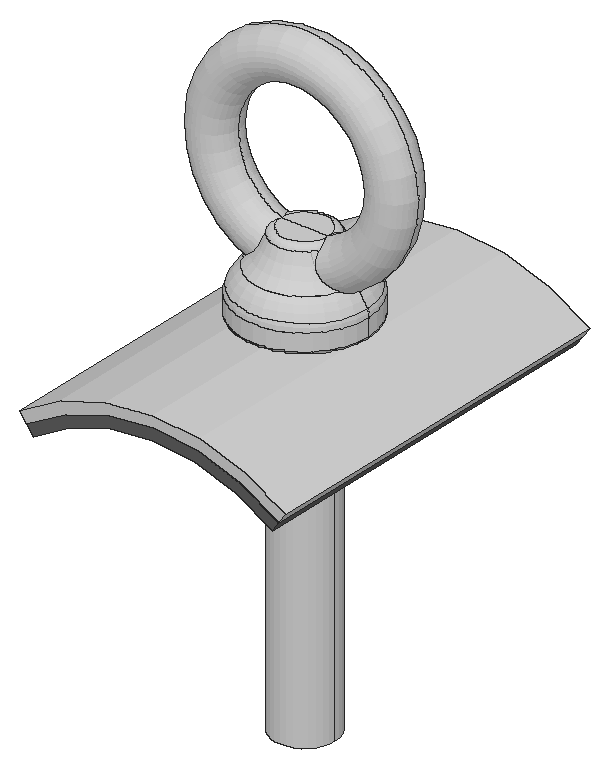
Revit family "AnchorPoint_Kattsafe_PurlinMount", category Specialty Equipment, host Face, Revit 2025
Family settings
  Host = Face
  Round Connector Dimension = Use Diameter
  Part Type = Normal
  OmniClass Number = 23.27.71.21
  Enable Cutting in Views = No
  Cut with Voids When Loaded = Yes
  Maintain Annotation Orientation = No
  Shared = No
  Room Calculation Point = No
Parameters (values of type "Corrugated (AP123C)")
  Uniclass2015Version = "Products v1.23"
  Uniclass2015Title = "Safety access anchor devices"
  Uniclass2015Code = "Pr_40_70_75_75"
  URL = "https://kattsafe.com.au/"
  Type IFC Predefined Type = "USERDEFINED"
  Type Comments = "Steel Purlin Mount Anchor - Corrugated flange - 15kN rated - 0.7kg"
  SquareCorrugatedWasher = no
  SafetyDisclaimer [instance] = "WARNING! The correct placement of access, fall protection and facade maintenance systems is critical to ensure it is fit-for-purpose and safe for the operator to use. Did you know Kattsafe® have a dedicated team of Height Safety System Design Specialists? Kattsafe® provide one-on-one consultation and system design assistance to ensure you are meeting the stringent requirements of height safety and to give you PEACE OF MIND with your project."  # constant formula
  ModifiedIssue = 20240430
  Model = "AP123C"
  Material = Steel_Stainless_Kattsafe_Satin
  ManufacturerURLProductSpecific = "https://kattsafe.com.au/products/anchor-points/metal-deck-mount/Purlin-mount-anchor-ap123"
  ManufacturerSpecCode = Model  # "AP123C"
  ManufacturerOverallWidth = 70 mm  # constant formula
  ManufacturerOverallHeight = 165 mm  # constant formula
  ManufacturerOverallDepth = 100 mm
  ManufacturerHeightFromFFL [instance] = 0 mm
  Manufacturer = "Kattsafe®"  # constant formula
  IfcExportType = "USERDEFINED"
  IfcExportAs = "IfcBuildingElementProxy"
  FlatWasher = no
  Export Type to IFC As = "IfcBuildingElementProxy"
  ElementType = "Fall Protection"
  Description = "Our Kattsafe anchor points are specifically designed, manufactured, and tested to comply with and often exceed Australian Standards, effectively handling excessive loads and saving lives when using a harness and lanyard system."  # constant formula
  Default Elevation = 0 mm  # constant formula
  CreatedBy = "IGS BIM Solutions"  # constant formula
  CreatedByURL = "https://igsgroup.com.au"
  CorrugatedWasher = yes
  Assembly Code = "E1090100"
Types (3, lengths in mm): name | Type Comments | SquareCorrugatedWasher | Model | ManufacturerSpecCode | ManufacturerOverallDepth | FlatWasher | CorrugatedWasher
  Flat (AP123F) | "Steel Purlin Mount Anchor - Flat flange - 15kN rated - 0.7kg" | no | "AP123F" | "AP123F" | 70 | yes | no
  Corrugated (AP123C) | "Steel Purlin Mount Anchor - Corrugated flange - 15kN rated - 0.7kg" | no | "AP123C" | "AP123C" | 100 | no | yes
  Square Corrugated (AP123S) | "Steel Purlin Mount Anchor - Square corrugated flange - 15kN rated - 0.7kg" | yes | "AP123S" | "AP123S" | 100 | no | no
Reference planes
  plane 1 "Center (Front/Back)": y = 0
  plane 2 "Ref. Level": z = 0
  plane 3 "Center (Left/Right)": x = 0
  plane 4 "Right": x = 35
  plane 5 "Left": x = -35
  plane 6 "Top": z = 75
  plane 7 "Extension Top": z = 15
  plane 8 "Bottom": z = -90
  plane 9 "Base": z = 0
  plane 10 "Front": y = -50
  plane 11 "Back": y = 50
Forms (mm)
  Revolve 1, solid, material "Steel_Stainless_Kattsafe_Satin" <- "Material"
    sketch origin (0, 0, -125) x (1, 0, 0) y (0, 0, 1)
      loop
        line (0, 125) -> (0, 35) -> (8, 35) -> (8, 112.91) -> (8.942, 112.91)
        arc (8.942, 112.91) -> (10.847, 117.422) -> (8.942, 121.933) r 6.293
        line (8.942, 121.933) -> (7.813, 121.933) -> (7.813, 125) -> (0, 125)
      axis (0, 35) -> (0, 125)
    angle from 0 to 360
  Revolve 2, void
    sketch origin (0, 0, -125) x (1, 0, 0) y (0, 0, 1)
      loop
        line (0, 125) -> (0, 35) -> (11.125, 35) -> (11.125, 125) -> (0, 125)
      axis (0, 35) -> (0, 125)
    angle from 0 to 360
  Revolve 3, solid, material "Steel_Stainless_Kattsafe_Satin" <- "Material"
    sketch origin (0, 0, 0) x (1, 0, 0) y (0, 0, 1)
      loop
        line (0, 28.586) -> (0, 6.036) -> (11.538, 6.036)
        arc (11.538, 6.036) -> (12.334, 7.036) -> (11.538, 8.036) r 1.026
        line (11.538, 8.036) -> (16.39, 8.036)
        arc (16.39, 8.036) -> (16.744, 8.182) -> (16.89, 8.536) r 0.5
        line (16.89, 8.536) -> (16.89, 13.047)
        arc (16.89, 13.047) -> (16.79, 14.04) -> (16.495, 14.994) r 5
        arc (16.495, 14.994) -> (15.132, 17.457) -> (13.284, 19.58) r 13.372
        arc (13.284, 19.58) -> (10.258, 23.137) -> (8.139, 27.299) r 20
        arc (8.139, 27.299) -> (7.418, 28.233) -> (6.292, 28.586) r 1.969
        line (6.292, 28.586) -> (0, 28.586)
      axis (0, 28.586) -> (0, 6.036)
    angle from 0 to 360
  Extrusion 4, solid, material "Steel_Stainless_Kattsafe_Satin" <- "Material", visible <- "FlatWasher"
    sketch origin (-1524, 277.61, 15) x (-1, 0, 0) y (0, 1, 0)
      loop
        circle (-1524, -277.61) r 35
    from 8.964 to 11.957
  Extrusion 5, solid, material "Rubber_Kattsafe_Black", visible <- "FlatWasher"
    sketch origin (-1524, 277.61, 0) x (-1, 0, 0) y (0, 1, 0)
      loop
        circle (-1524, -277.61) r 35
    from -3.043 to 0
  Sweep 6, solid, material "Steel_Stainless_Kattsafe_Satin" <- "Material", visible <- "CorrugatedWasher"
    path origin (0, 0, 0) x (0, 1, 0) y (0, 0, 1)
      loop
        line (50, 6.036) -> (-50, 6.036)
    profile origin (0, 0, 6.036) x (0, 0, -1) y (1, 0, 0)
      loop
        line (11.266, -35) -> (13.703, -33.25)
        arc (13.703, -33.25) -> (3, 0) -> (13.703, 33.25) r 57
        line (13.703, 33.25) -> (11.266, 35)
        arc (11.266, 35) -> (0, 0) -> (11.266, -35) r 60
  Sweep 7, solid, material "Rubber_Kattsafe_Black", visible <- "CorrugatedWasher"
    path origin (0, 0, 0) x (0, 1, 0) y (0, 0, 1)
      loop
        line (50, 3.043) -> (-50, 3.043)
    profile origin (0, 0, 3.043) x (0, 0, -1) y (1, 0, 0)
      loop
        arc (10.71, 33.25) -> (0.007, 0) -> (10.71, -33.25) r 57
        line (10.71, -33.25) -> (13.147, -31.5)
        arc (13.147, -31.5) -> (3.007, 0) -> (13.147, 31.5) r 54
        line (13.147, 31.5) -> (10.71, 33.25)
  Sweep 8, solid, material "Steel_Stainless_Kattsafe_Satin" <- "Material"
    path origin (0, 0, 0) x (1, 0, 0) y (0, 0, 1)
      loop
        arc (2.543, 27.686) -> (0.24, 62.498) -> (-3.016, 27.762) r 17.5
    profile origin (0.24, 0, 62.498) x (-0.013692, 0, -0.999906) y (0, -1, 0)
      loop
        circle (-6.247, 0) r 6.25
  Sweep 9, solid, material "Rubber_Kattsafe_Black", visible <- "SquareCorrugatedWasher"
    path origin (0, 0, 0) x (0, 1, 0) y (0, 0, 1)
      loop
        line (50, 3.043) -> (-50, 3.043)
    profile origin (0, 0, 3.043) x (0, 0, -1) y (1, 0, 0)
      loop
        line (12.121, -32.879) -> (14.243, -30.757) -> (4.67, -21.185)
        arc (4.67, -21.185) -> (3.439, -19.343) -> (3.007, -17.171) r 5.676
        line (3.007, -17.171) -> (3.007, 17.171)
        arc (3.007, 17.171) -> (3.439, 19.343) -> (4.67, 21.185) r 5.676
        line (4.67, 21.185) -> (14.243, 30.757) -> (12.121, 32.879) -> (2.549, 23.306)
        arc (2.549, 23.306) -> (0.668, 20.491) -> (0.007, 17.171) r 8.676
        line (0.007, 17.171) -> (0.007, -17.171)
        arc (0.007, -17.171) -> (0.668, -20.491) -> (2.549, -23.306) r 8.676
        line (2.549, -23.306) -> (12.121, -32.879)
  Sweep 10, solid, material "Steel_Stainless_Kattsafe_Satin" <- "Material", visible <- "SquareCorrugatedWasher"
    path origin (0, 0, 0) x (0, 1, 0) y (0, 0, 1)
      loop
        line (50, 6.036) -> (-50, 6.036)
    profile origin (0, 0, 6.036) x (0, 0, -1) y (1, 0, 0)
      loop
        arc (0, -17.171) -> (0.889, -21.639) -> (3.42, -25.427) r 11.676
        line (3.42, -25.427) -> (12.993, -35) -> (15.114, -32.879) -> (5.541, -23.306)
        arc (5.541, -23.306) -> (3.66, -20.491) -> (3, -17.171) r 8.676
        line (3, -17.171) -> (3, 17.171)
        arc (3, 17.171) -> (3.66, 20.491) -> (5.541, 23.306) r 8.676
        line (5.541, 23.306) -> (15.114, 32.879) -> (12.993, 35) -> (3.42, 25.427)
        arc (3.42, 25.427) -> (0.889, 21.639) -> (0, 17.171) r 11.676
        line (0, 17.171) -> (0, -17.171)
Cuts and joins
  joined: Revolve 3, Sweep 8
Lines and regions (mm)
  Masking region 1, visible <- "FlatWasher"
    outline origin (0, 0, 75) x (-1, 0, 0) y (0, -1, 0)
      loop
        circle (0, 0) r 35
  Masking region 2, visible <- "CorrugatedWasher"
    outline origin (0, 0, 75) x (-1, 0, 0) y (0, -1, 0)
      loop
        line (35, -50) -> (35, 50) -> (-35, 50) -> (-35, -50) -> (35, -50)
  Masking region 3, visible <- "SquareCorrugatedWasher"
    outline origin (0, 0, 75) x (-1, 0, 0) y (0, -1, 0)
      loop
        line (35, -50) -> (35, 50) -> (-35, 50) -> (-35, -50) -> (35, -50)
  symbolic lines, style "Fall Arrest Systems", detail levels fine
    curve 1: arc (-15.7, -6.255, 75) -> (0, -16.9, 75) -> (15.7, -6.255, 75) r 16.9
    curve 4: arc (15.7, 6.255, 75) -> (0, 16.9, 75) -> (-15.7, 6.255, 75) r 16.9
  symbolic lines, style "Fall Arrest Systems", detail levels medium+fine
    curve 2: arc (-23.749, 6.255, 75) -> (-30.004, 0, 75) -> (-23.749, -6.255, 75) r 6.255
    curve 3: arc (23.749, 6.255, 75) -> (30.004, 0, 75) -> (23.749, -6.255, 75) r 6.255
    curve 5: line (23.749, 6.255, 75) -> (-23.749, 6.255, 75)
    curve 6: line (23.749, -6.255, 75) -> (-23.749, -6.255, 75)
Text (mm)
  text "Disclaimer:\nDue to ongoing product development and manufacturing \nevolution, product details are subject to change without \nnotice. Please refer to product technical data sheets on \nthe manufacturers website for the most current product \ninformation. Please allow a +/- 5mm manufacturing \ntolerance for dimensions and set-outs shown in product \nliterature." at (140.12, 82.963, 0), in view "Ref. Level"
Dimensions and locks
  "ManufacturerOverallWidth": plane 5 "Left" to plane 4 "Right"
  equal spacing: plane 5 "Left", plane 3 "Center (Left/Right)", plane 4 "Right"
  "ManufacturerOverallHeight": plane 6 "Top" to plane 8 "Bottom"
  locked: plane 6 "Top" to plane 7 "Extension Top" at 60
  locked: plane 7 "Extension Top" to plane 9 "Base" at 15
  "ManufacturerHeightFromFFL": plane 9 "Base" to level
  equal spacing: plane 11 "Back", plane 1 "Center (Front/Back)", plane 10 "Front"
  "ManufacturerOverallDepth": plane 11 "Back" to plane 10 "Front"
  aligned and locked: plane 2 "Ref. Level" to host face
  aligned and locked: level to host face
  aligned and locked: Revolve 1 to plane 8 "Bottom"
  aligned and locked: Extrusion 5 to Extrusion 4
  aligned and locked: plane 9 "Base" to Extrusion 5
  aligned and locked: Extrusion 4 to Extrusion 5
  aligned and locked: Sweep 6 sketch curve to Extrusion 4
  aligned and locked: Sweep 7 sketch curve to Extrusion 5
  aligned and locked: Sweep 9 sketch curve to Extrusion 5
Automatic sketch dimensions
  host sketch curve to host sketch curve = 60 mm  (x2)
  plane 1 "Center (Front/Back)" to Extrusion 5 sketch curve = 0 mm
  Extrusion 5 sketch curve to plane 3 "Center (Left/Right)" = 0 mm
  Revolve 1 sketch curve to plane 3 "Center (Left/Right)" = 0 mm  (x2)
  Revolve 1 sketch curve to plane 8 "Bottom" = 0 mm
  plane 3 "Center (Left/Right)" to Revolve 1 sketch curve = 4.555 mm
  plane 3 "Center (Left/Right)" to Revolve 1 sketch curve = 7.812 mm
  Revolve 1 sketch curve to Revolve 1 sketch curve = 3.445 mm
  Revolve 1 sketch curve to Revolve 1 sketch curve = 1.129 mm
  Revolve 1 sketch curve to Revolve 1 sketch curve = 0.942 mm
  Revolve 1 sketch curve to Revolve 1 sketch curve = 4.511 mm
  Revolve 1 sketch curve to plane 8 "Bottom" = 15 mm
  Revolve 1 sketch curve to Revolve 1 sketch curve = 7.91 mm
  Revolve 2 sketch curve to plane 3 "Center (Left/Right)" = 0 mm  (x2)
  Revolve 2 sketch curve to plane 8 "Bottom" = 0 mm
  plane 3 "Center (Left/Right)" to Revolve 2 sketch curve = 11.125 mm
  Revolve 2 sketch curve to Revolve 2 sketch curve = 15 mm
  Sweep 6 sketch curve to plane 3 "Center (Left/Right)" = 0 mm
  Sweep 6 sketch curve to profile plane = 11.266 mm  (x2)
  Sweep 6 sketch curve to plane 3 "Center (Left/Right)" = 33.25 mm
  Revolve 1 sketch curve to plane 9 "Base" = 0 mm
  plane 9 "Base" to Revolve 1 sketch curve = 12.09 mm
  Revolve 2 sketch curve to plane 9 "Base" = 0 mm
  plane 9 "Base" to Revolve 2 sketch curve = 20 mm
  plane 1 "Center (Front/Back)" to Extrusion 4 sketch curve = 0 mm
  Extrusion 4 sketch curve to plane 3 "Center (Left/Right)" = 0 mm
  Sweep 8 sketch curve to plane 3 "Center (Left/Right)" = 0 mm
  Sweep 8 sketch curve to plane 3 "Center (Left/Right)" = 3.016 mm
  plane 3 "Center (Left/Right)" to Sweep 8 sketch curve = 2.543 mm
  plane 6 "Top" to Sweep 8 sketch curve = 30 mm
  Sweep 8 sketch curve to plane 7 "Extension Top" = 12.762 mm
  plane 1 "Center (Front/Back)" to Sweep 8 sketch curve = 0 mm
  profile plane to Sweep 8 sketch curve = 6.247 mm
  Sweep 6 sketch curve to Sweep 6 sketch curve = 1.75 mm  (x2)
  Sweep 6 sketch curve to Sweep 6 sketch curve = 46.297 mm
  Sweep 6 sketch curve to Sweep 6 sketch curve = 0 mm  (x2)
  Sweep 6 sketch curve to Sweep 6 sketch curve = 2.437 mm
  Sweep 7 sketch curve to Sweep 7 sketch curve = 0 mm  (x2)
  Sweep 7 sketch curve to plane 3 "Center (Left/Right)" = 0 mm
  Sweep 7 sketch curve to profile plane = 57.007 mm
  Sweep 7 sketch curve to profile plane = 13.147 mm  (x2)
  Sweep 7 sketch curve to Sweep 7 sketch curve = 2.437 mm
  Sweep 7 sketch curve to plane 3 "Center (Left/Right)" = 33.25 mm
  Sweep 7 sketch curve to Sweep 7 sketch curve = 1.75 mm  (x2)
  Sweep 9 sketch curve to profile plane = 2.549 mm  (x2)
  Sweep 9 sketch curve to Sweep 9 sketch curve = 6.135 mm  (x2)
  Sweep 9 sketch curve to plane 3 "Center (Left/Right)" = 23.306 mm
  Sweep 9 sketch curve to Sweep 9 sketch curve = 9.573 mm  (x2)
  plane 3 "Center (Left/Right)" to Sweep 9 sketch curve = 17.171 mm
  Sweep 9 sketch curve to Sweep 9 sketch curve = 8.676 mm
  Sweep 9 sketch curve to Sweep 9 sketch curve = 2.121 mm  (x4)
  Sweep 9 sketch curve to Sweep 9 sketch curve = 0 mm  (x4)
  Sweep 9 sketch curve to Sweep 9 sketch curve = 3 mm
  plane 1 "Center (Front/Back)" to Masking region 1 sketch curve = 0 mm
  Masking region 1 sketch curve to plane 3 "Center (Left/Right)" = 0 mm
  Masking region 3 sketch curve to plane 4 "Right" = 0 mm
  Masking region 3 sketch curve to plane 5 "Left" = 0 mm
  curve 1 to curve 4 = 0 mm  (x2)
  plane 1 "Center (Front/Back)" to curve 3 = 0 mm
  plane 1 "Center (Front/Back)" to curve 4 = 0 mm
  curve 4 to plane 3 "Center (Left/Right)" = 0 mm
  plane 4 "Right" to curve 3 = 11.251 mm
  curve 3 to curve 1 = 8.049 mm
  curve 4 to curve 2 = 8.049 mm
  plane 1 "Center (Front/Back)" to curve 1 = 6.255 mm
  curve 1 to curve 2 = 8.049 mm
  Sweep 6 sketch curve to plane 1 "Center (Front/Back)" = 50 mm
  Sweep 7 sketch curve to plane 1 "Center (Front/Back)" = 50 mm
  Masking region 3 sketch curve to plane 1 "Center (Front/Back)" = 50 mm
  Sweep 9 sketch curve to plane 1 "Center (Front/Back)" = 50 mm
  plane 1 "Center (Front/Back)" to Sweep 6 sketch curve = 50 mm
  plane 1 "Center (Front/Back)" to Sweep 7 sketch curve = 50 mm
  plane 1 "Center (Front/Back)" to Masking region 3 sketch curve = 50 mm
  plane 1 "Center (Front/Back)" to Sweep 9 sketch curve = 50 mm
  Masking region 2 sketch curve to plane 4 "Right" = 0 mm
  Masking region 2 sketch curve to plane 5 "Left" = 0 mm
  Masking region 2 sketch curve to plane 11 "Back" = 0 mm
  plane 10 "Front" to Masking region 2 sketch curve = 0 mm
  Revolve 3 sketch curve to plane 3 "Center (Left/Right)" = 0 mm  (x2)
  plane 3 "Center (Left/Right)" to Revolve 3 sketch curve = 4.179 mm
  Revolve 3 sketch curve to Revolve 3 sketch curve = 6.292 mm
  Revolve 3 sketch curve to Revolve 3 sketch curve = 7.129 mm
  Revolve 3 sketch curve to Revolve 3 sketch curve = 0.23 mm  (x2)
  Revolve 3 sketch curve to Revolve 3 sketch curve = 0.352 mm
  Revolve 3 sketch curve to Revolve 3 sketch curve = 4.852 mm
  plane 7 "Extension Top" to Revolve 3 sketch curve = 1.953 mm
  Revolve 3 sketch curve to Revolve 3 sketch curve = 0.5 mm
  plane 4 "Right" to Revolve 3 sketch curve = 8.099 mm
  Revolve 3 sketch curve to Revolve 3 sketch curve = 3.261 mm
  Revolve 3 sketch curve to Revolve 3 sketch curve = 4.511 mm
  Revolve 3 sketch curve to Revolve 3 sketch curve = 1 mm
  Revolve 3 sketch curve to plane 7 "Extension Top" = 11.617 mm
  Revolve 3 sketch curve to Revolve 3 sketch curve = 1.969 mm
  Revolve 3 sketch curve to plane 7 "Extension Top" = 19.228 mm
  Revolve 3 sketch curve to Revolve 3 sketch curve = 0 mm  (x2)
  Revolve 3 sketch curve to Revolve 3 sketch curve = 11.414 mm
  Revolve 3 sketch curve to Revolve 3 sketch curve = 15 mm
  Sweep 10 sketch curve to Sweep 10 sketch curve = 0 mm  (x4)
  Sweep 10 sketch curve to profile plane = 0 mm
  Sweep 10 sketch curve to Sweep 10 sketch curve = 3 mm
  Sweep 10 sketch curve to profile plane = 3.42 mm  (x2)
  Sweep 10 sketch curve to Sweep 10 sketch curve = 2.121 mm  (x4)
  Sweep 10 sketch curve to Sweep 10 sketch curve = 8.676 mm  (x2)
  Sweep 10 sketch curve to profile plane = 12.993 mm  (x2)
  Sweep 10 sketch curve to profile plane = 35 mm
  profile plane to Sweep 10 sketch curve = 17.171 mm
  Sweep 10 sketch curve to plane 10 "Front" = 0 mm
  Sweep 10 sketch curve to plane 11 "Back" = 0 mm
  Sweep 10 sketch curve to plane 9 "Base" = 6.036 mm
  radius of Extrusion 5 sketch curve = 35 mm
  radius of Extrusion 4 sketch curve = 35 mm
  radius of Sweep 8 sketch curve = 6.25 mm
  radius of Masking region 1 sketch curve = 35 mm
